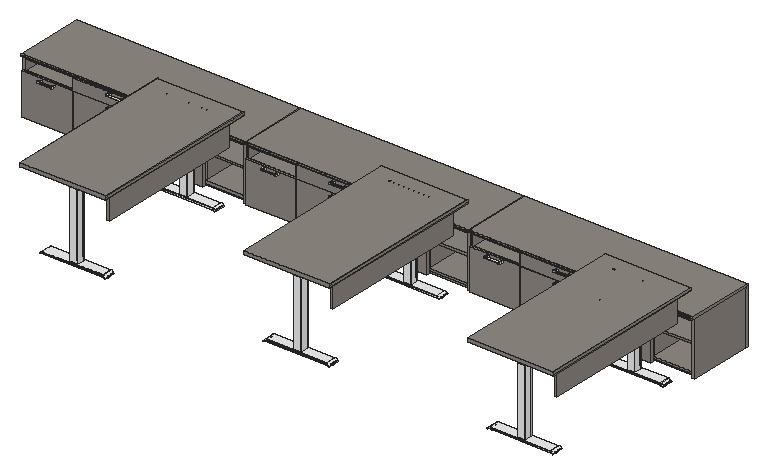
Revit family "JSI-Vision-Typical_Veneer-VSV139", category Furniture, Revit 2020
Family settings
  OmniClass Number = 23.40.20.00
  OmniClass Title = General Furniture and Specialties
  Work Plane-Based = No
  Always vertical = Yes
  Cut with Voids When Loaded = No
  Shared = No
  Room Calculation Point = No
Parameters (values of type "VSV139")
  URL = "www.jsifurniture.com"
  Type Comments = "Typical Veneer"  # constant formula
  Model = "VSV139"
  Manufacturer = "JSI"  # constant formula
  Keynote = "12500"
  Default Elevation = 0"
  Assembly Code = "E2020200"
Reference planes (in)
  plane 1 "Center Front/Back": y = 0
  plane 2: z = 0
  plane 3 "Center Left/Right": x = 0
Dimensions and locks (in)
  aligned and locked: level to plane 2
Nested families (in)
  nested 1: "JSI-Vision-Adjustable_Table_Standard_Range" at (78, -24.625, 0) x (0, -1, 0) z (0, 0, 1), type "VSV3060AHTD-S - Adjustable Height Table Standard Range 60"W x 30"D x 30"H"
  nested 2: "JSI-Vision-Open_Shelf_File_Modular_Bench_Pedestal" at (0, -0.75, 0), type "VSVB2418MOF, Veneer OF Modular Bench H Ped"
  nested 3: "JSI-Vision-Box_File_Modular_Bench_Pedestal" at (18, 0, 0), type "VSVB2430MBF - Veneer BF Modular Bench H Ped"
    with Width 30", Height 18.744", Depth 24"
  nested 4: "JSI-Vision-Sliding_Door_Modular_Bench_Pedestal" at (48, -0.75, 0), type "VSVB2430MSD, Veneer Sld Door Modular Bench H Ped"
    with Height 18.744", Depth 23 1/4"
  nested 5: "JSI-Vision-Bench_Height_Modular_Top" at (0, 0, -0.6469), type "VSVB2478MT, Veneer Mod Bench H Top, 24" x 78""
    with Width 78", Depth 24"
  nested 6: "JSI-Vision-Adjustable_Table_Standard_Range" at (156, -24.625, 0) x (0, -1, 0) z (0, 0, 1), type "VSV3060AHTD-S - Adjustable Height Table Standard Range 60"W x 30"D x 30"H"
  nested 7: "JSI-Vision-Open_Shelf_File_Modular_Bench_Pedestal" at (78, -0.75, 0), type "VSVB2418MOF, Veneer OF Modular Bench H Ped"
  nested 8: "JSI-Vision-Box_File_Modular_Bench_Pedestal" at (96, 0, 0), type "VSVB2430MBF - Veneer BF Modular Bench H Ped"
    with Width 30", Height 18.744", Depth 24"
  nested 9: "JSI-Vision-Sliding_Door_Modular_Bench_Pedestal" at (126, -0.75, 0), type "VSVB2430MSD, Veneer Sld Door Modular Bench H Ped"
    with Height 18.744", Depth 23 1/4"
  nested 10: "JSI-Vision-Bench_Height_Modular_Top" at (78, 0, -0.6469), type "VSVB2478MT, Veneer Mod Bench H Top, 24" x 78""
    with Width 78", Depth 24"
  nested 11: "JSI-Vision-Adjustable_Table_Standard_Range" at (234, -24.625, 0) x (0, -1, 0) z (0, 0, 1), type "VSV3060AHTD-S - Adjustable Height Table Standard Range 60"W x 30"D x 30"H"
  nested 12: "JSI-Vision-Open_Shelf_File_Modular_Bench_Pedestal" at (156, -0.75, 0), type "VSVB2418MOF, Veneer OF Modular Bench H Ped"
  nested 13: "JSI-Vision-Box_File_Modular_Bench_Pedestal" at (174, 0, 0), type "VSVB2430MBF - Veneer BF Modular Bench H Ped"
    with Width 30", Height 18.744", Depth 24"
  nested 14: "JSI-Vision-Sliding_Door_Modular_Bench_Pedestal" at (204, -0.75, 0), type "VSVB2430MSD, Veneer Sld Door Modular Bench H Ped"
    with Height 18.744", Depth 23 1/4"
  nested 15: "JSI-Vision-Bench_Height_Modular_Top" at (156, 0, -0.6469), type "VSVB2478MT, Veneer Mod Bench H Top, 24" x 78""
    with Width 78", Depth 24"
  nested 16: "JSI-Vision-Adjustable_Bridge_Modesty" at (76, -28.625, -0.8125) x (0, -1, 0) z (0, 0, 1), type "VSV0952TDM - Modesty for Adjustable Bridge 52"W x 3/4"D x 9"H"
    with Width 52"
  nested 17: "JSI-Vision-Adjustable_Bridge_Modesty" at (154, -28.625, -0.8125) x (0, -1, 0) z (0, 0, 1), type "VSV0952TDM - Modesty for Adjustable Bridge 52"W x 3/4"D x 9"H"
    with Width 52"
  nested 18: "JSI-Vision-Adjustable_Bridge_Modesty" at (232, -28.625, -0.8125) x (0, -1, 0) z (0, 0, 1), type "VSV0952TDM - Modesty for Adjustable Bridge 52"W x 3/4"D x 9"H"
    with Width 52"
  nested 19: "JSI-Vision-Filler_Back_Panel_for_Bench_Height" at (0, 0, 0), type "VSVB0419MBK, Filler Back Panel for Bench Height 18 3/4"H, 4"W"
    with Height 18 27/32"
  nested 20: "JSI-Vision-Filler_Back_Panel_for_Bench_Height" at (230, 0, 0), type "VSVB0419MBK, Filler Back Panel for Bench Height 18 3/4"H, 4"W"
    with Height 18 27/32"
Definition of nested family "JSI-Vision-Adjustable_Table_Standard_Range"
  Parameters (values of type "VST3048AHTD-S - Adjustable Height Table Standard Range 48"W x 30"D x 30"H")
    Width = 48"
    Upper Leg Finish = none
    URL = "www.jsifurniture.com"
    Type Comments = ""
    Top Finish = none
    Support Finish = none
    Series = "Vision Casegoods"  # constant formula
    Low Leg Finish = none
    Model = "VST3048AHTD-S"
    Material = ""
    Manufacturer = "JSI"  # constant formula
    Keynote = "12500"  # constant formula
    JSI Enviromental Website = "http://www.jsifurniture.com/jsi_sustainability_intro.php"
    Height = 29 3/16"
    Glide Finish = none
    Feet Finish = none
    Description = "Adjustable Height Table Desk Standard Range Laminate - 30”H x 30”D x 48”W"
    Depth = 30"
    Default Elevation = 0"
    Assembly Code = "E2020200"
    Adj Post Finish = none
  Types (6): name | Width | Model | Description
    VST3072AHTD-S - Adjustable Height Table Standard Range 72"W x 30"D x 30"H | 72" | "VST3072AHTD-S" | "Adjustable Height Table Desk Standard Range Laminate - 30”H x 30”D x 72”W"
    VSV3072AHTD-S - Adjustable Height Table Standard Range 72"W x 30"D x 30"H | 72" | "VSV3072AHTD-S" | "Adjustable Height Table Desk Standard Range Veneer - 30”H x 30”D x 72”W"
    VST3060AHTD-S - Adjustable Height Table Standard Range 60"W x 30"D x 30"H | 60" | "VST3060AHTD-S" | "Adjustable Height Table Desk Standard Range Laminate - 30”H x 30”D x 60”W"
    VSV3060AHTD-S - Adjustable Height Table Standard Range 60"W x 30"D x 30"H | 60" | "VSV3060AHTD-S" | "Adjustable Height Table Desk Standard Range Veneer - 30”H x 30”D x 60”W"
    VST3048AHTD-S - Adjustable Height Table Standard Range 48"W x 30"D x 30"H | 48" | "VST3048AHTD-S" | "Adjustable Height Table Desk Standard Range Laminate - 30”H x 30”D x 48”W"
    VSV3048AHTD-S - Adjustable Height Table Standard Range 48"W x 30"D x 30"H | 48" | "VSV3048AHTD-S" | "Adjustable Height Table Desk Standard Range Veneer - 30”H x 30”D x 48”W"
  Reference planes (in)
    plane 1 "Center Front/Back": y = 0
    plane 2: z = 0
    plane 3 "Center Left/Right": x = 0
    plane 4: z = 29.1875
    plane 5: z = 28
    plane 6: x = 48
    plane 7: y = -30
    plane 8: y = -15
  Forms (in)
    Extrusion 1, solid, material <- "Top Finish"
      sketch origin (0, 0, 0) x (0, 1, 0) y (0, 0, 1)
        loop
          arc (-29.88189, 29.1875) -> (-29.96256, 29.15006) -> (-30, 29.06939) r 0.12937
          line (-30, 29.06939) -> (-30, 28.11811)
          arc (-30, 28.11811) -> (-29.96256, 28.03744) -> (-29.88189, 28) r 0.12937
          line (-29.88189, 28) -> (-29.72106, 28) -> (-0.27894, 28) -> (-0.11811, 28)
          arc (-0.11811, 28) -> (-0.03744, 28.03744) -> (0, 28.11811) r 0.12937
          line (0, 28.11811) -> (0, 29.06939)
          arc (0, 29.06939) -> (-0.03744, 29.15006) -> (-0.11811, 29.1875) r 0.12937
          line (-0.11811, 29.1875) -> (-29.88189, 29.1875)
      from 0 to 48
  Lines and regions (in)
    symbolic lines
      curve 1: line (0, 0, 0) -> (48, 0, 0)
      curve 2: line (0, -30, 0) -> (0, 0, 0)
      curve 3: line (48, -30, 0) -> (0, -30, 0)
      curve 4: line (48, 0, 0) -> (48, -30, 0)
  Dimensions and locks (in)
    "Height": plane 4 to level
    locked: plane 4 to plane 5 at 1.1875
    "Width": plane 3 "Center Left/Right" to plane 6
    "Depth": plane 1 "Center Front/Back" to plane 7
    equal spacing: plane 1 "Center Front/Back", plane 8, plane 7
    aligned and locked: level to plane 2
    aligned and locked: plane 3 "Center Left/Right" to nested 1
    aligned and locked: nested 1 to plane 8
    aligned and locked: plane 4 to Extrusion 1 sketch curve
    aligned and locked: Extrusion 1 sketch curve to plane 5
    aligned and locked: Extrusion 1 sketch curve to plane 1 "Center Front/Back"
    aligned and locked: Extrusion 1 sketch curve to plane 7
    aligned and locked: Extrusion 1 to plane 3 "Center Left/Right"
    aligned and locked: Extrusion 1 to plane 6
    aligned and locked: plane 7 to curve 3
    aligned and locked: plane 1 "Center Front/Back" to curve 1
    aligned and locked: plane 3 "Center Left/Right" to curve 2
    aligned and locked: plane 6 to curve 4
  Automatic sketch dimensions
    plane 7 to Extrusion 1 sketch curve = 0.11811"  (x2)
    Extrusion 1 sketch curve to plane 5 = 0"  (x2)
    plane 7 to Extrusion 1 sketch curve = 33/256"  (x2)
    Extrusion 1 sketch curve to Extrusion 1 sketch curve = 0.16082"
    plane 1 "Center Front/Back" to Extrusion 1 sketch curve = 0.27894"
    plane 1 "Center Front/Back" to Extrusion 1 sketch curve = 33/256"  (x2)
    plane 1 "Center Front/Back" to Extrusion 1 sketch curve = 0.11811"  (x2)
    plane 5 to Extrusion 1 sketch curve = 0.11811"  (x2)
    Extrusion 1 sketch curve to plane 4 = 33/256"  (x2)
  Nested families (in)
    nested 1: "Adj Base" at (0, -15, 0), Height <- "Height", W Top <- "Width", Adj Post Finish <- "Adj Post Finish", Feet Finish <- "Feet Finish", Glide Finish <- "Glide Finish", Low Leg Finish <- "Low Leg Finish", Support Finish <- "Support Finish", Upper Leg Finish <- "Upper Leg Finish", type "Adj Base"
      with W Top 48", Upper Leg Finish none, Support Finish none, Low Leg Finish none, Height 29 3/16", Glide Finish none, Feet Finish none, Adj Post Finish none
  Definition of nested family "Adj Base"
    Parameters (values of type "Adj Base")
      W Top [instance] = 72"
      Upper Leg Finish [instance] = none
      Support Finish [instance] = none
      Low Leg Finish [instance] = none
      Height [instance] = 29 1/2"
      Glide Finish [instance] = none
      Feet Finish [instance] = none
      Default Elevation = 0"
      Adj Post Finish [instance] = none
    Reference planes (in)
      plane 1 "Center (Front/Back)": y = 0
      plane 2: z = 0
      plane 3 "Center (Left/Right)": x = 0
      plane 4: z = 29.5
      plane 5: x = 72
      plane 6: z = 28.3125
      plane 7: x = 6.09647
      plane 8: x = 65.90353
    Forms (in)
      Extrusion 1, solid, material <- "Support Finish"
        sketch origin (1.67343, 0, 0) x (-1, 0, 0) y (0, 0, 1)
          loop
            line (-2.26388, 26.15894) -> (-2.26388, 28.00935) -> (-10.9253, 28.00935) -> (-10.9253, 27.73435) -> (-10.3632, 27.73435) -> (-9.86301, 26.15894) -> (-2.26388, 26.15894)
          loop
            line (-66.38926, 26.15894) -> (-58.79012, 26.15894) -> (-58.28994, 27.73435) -> (-57.72784, 27.73435) -> (-57.72784, 28.00935) -> (-66.38926, 28.00935) -> (-66.38926, 26.15894)
        from -1.89028 to 1.90897
      Extrusion 2, solid, material <- "Support Finish"
        sketch origin (8.68126, 0, 0) x (0, 1, 0) y (0, 0, 1)
          loop
            arc (2.60827, 26.81644) -> (2.67785, 26.84526) -> (2.70667, 26.91484) r 0.0984
            line (2.70667, 26.91484) -> (2.70667, 28.09931)
            arc (2.70667, 28.09931) -> (2.67882, 28.16654) -> (2.61158, 28.19439) r 0.09508
            line (2.61158, 28.19439) -> (2.01307, 28.19439)
            arc (2.01307, 28.19439) -> (1.94678, 28.16693) -> (1.91932, 28.10064) r 0.09375
            line (1.91932, 28.10064) -> (1.91932, 26.91484)
            arc (1.91932, 26.91484) -> (1.94814, 26.84526) -> (2.01772, 26.81644) r 0.0984
            line (2.01772, 26.81644) -> (2.60827, 26.81644)
          loop
            line (-2.60827, 26.81644) -> (-2.01772, 26.81644)
            arc (-2.01772, 26.81644) -> (-1.94814, 26.84526) -> (-1.91932, 26.91484) r 0.0984
            line (-1.91932, 26.91484) -> (-1.91932, 28.10064)
            arc (-1.91932, 28.10064) -> (-1.94678, 28.16693) -> (-2.01307, 28.19439) r 0.09375
            line (-2.01307, 28.19439) -> (-2.61158, 28.19439)
            arc (-2.61158, 28.19439) -> (-2.67882, 28.16654) -> (-2.70667, 28.09931) r 0.09508
            line (-2.70667, 28.09931) -> (-2.70667, 26.91484)
            arc (-2.70667, 26.91484) -> (-2.67785, 26.84526) -> (-2.60827, 26.81644) r 0.0984
        from -5.06315 to 15.07466
      Extrusion 3, solid, material <- "Support Finish"
        sketch origin (1.70596, 0, 0) x (0, 1, 0) y (0, 0, 1)
          loop
            arc (2.50984, 27.32825) -> (2.59335, 27.36284) -> (2.62794, 27.44635) r 0.1181
            line (2.62794, 27.44635) -> (2.62794, 27.99755)
            arc (2.62794, 27.99755) -> (2.59335, 28.08106) -> (2.50984, 28.11565) r 0.1181
            line (2.50984, 28.11565) -> (2.15551, 28.11565)
            arc (2.15551, 28.11565) -> (2.072, 28.08106) -> (2.03741, 27.99755) r 0.1181
            line (2.03741, 27.99755) -> (2.03741, 27.44635)
            arc (2.03741, 27.44635) -> (2.072, 27.36284) -> (2.15551, 27.32825) r 0.1181
            line (2.15551, 27.32825) -> (2.50984, 27.32825)
          loop
            arc (-2.15551, 27.32825) -> (-2.072, 27.36284) -> (-2.03741, 27.44635) r 0.1181
            line (-2.03741, 27.44635) -> (-2.03741, 27.99755)
            arc (-2.03741, 27.99755) -> (-2.072, 28.08106) -> (-2.15551, 28.11565) r 0.1181
            line (-2.15551, 28.11565) -> (-2.50984, 28.11565)
            arc (-2.50984, 28.11565) -> (-2.59335, 28.08106) -> (-2.62794, 27.99755) r 0.1181
            line (-2.62794, 27.99755) -> (-2.62794, 27.44635)
            arc (-2.62794, 27.44635) -> (-2.59335, 27.36284) -> (-2.50984, 27.32825) r 0.1181
            line (-2.50984, 27.32825) -> (-2.15551, 27.32825)
        from 16.18381 to 52.40428
      Extrusion 4, solid, material <- "Feet Finish"
        sketch origin (3.34686, 0, 0) x (0, 1, 0) y (0, 0, 1)
          loop
            line (10.52318, 1.16069) -> (-10.52318, 1.16069)
            arc (-10.52318, 1.16069) -> (-10.60868, 1.14561) -> (-10.68388, 1.1022) r 0.25
            line (-10.68388, 1.1022) -> (-11.48879, 0.4268) -> (-11.40022, 0.32124) -> (-10.59879, 0.99371)
            arc (-10.59879, 0.99371) -> (-10.56128, 1.01537) -> (-10.51862, 1.02289) r 0.12472
            line (-10.51862, 1.02289) -> (10.51852, 1.02289)
            arc (10.51852, 1.02289) -> (10.56128, 1.01536) -> (10.59887, 0.99365) r 0.125
            line (10.59887, 0.99365) -> (11.40022, 0.32124) -> (11.48879, 0.4268) -> (10.68388, 1.1022)
            arc (10.68388, 1.1022) -> (10.60869, 1.14561) -> (10.52318, 1.16069) r 0.25
        from 0.93859 to 4.56063
      Extrusion 5, solid, material <- "Feet Finish"
        sketch origin (3.34686, 0, 0) x (0, 1, 0) y (0, 0, 1)
          loop
            line (-11.14173, 0.39297) -> (11.14173, 0.39297) -> (11.14173, 0.53813) -> (10.59887, 0.99365)
            arc (10.59887, 0.99365) -> (10.56128, 1.01535) -> (10.51852, 1.02289) r 0.125
            line (10.51852, 1.02289) -> (-10.51862, 1.02289)
            arc (-10.51862, 1.02289) -> (-10.56128, 1.01537) -> (-10.59879, 0.99371) r 0.12472
            line (-10.59879, 0.99371) -> (-11.14173, 0.53813) -> (-11.14173, 0.39297)
        from 1.19449 to 4.30473
      Extrusion 6, solid, material <- "Feet Finish"
        sketch origin (12.34686, 0, 0) x (0, 1, 0) y (0, 0, 1)
          loop
            line (10.52318, 1.16069) -> (-10.52318, 1.16069)
            arc (-10.52318, 1.16069) -> (-10.60868, 1.14561) -> (-10.68388, 1.1022) r 0.25
            line (-10.68388, 1.1022) -> (-11.48879, 0.4268) -> (-11.40022, 0.32124) -> (-10.59879, 0.99371)
            arc (-10.59879, 0.99371) -> (-10.56128, 1.01537) -> (-10.51862, 1.02289) r 0.12472
            line (-10.51862, 1.02289) -> (10.51852, 1.02289)
            arc (10.51852, 1.02289) -> (10.56128, 1.01536) -> (10.59887, 0.99365) r 0.125
            line (10.59887, 0.99365) -> (11.40022, 0.32124) -> (11.48879, 0.4268) -> (10.68388, 1.1022)
            arc (10.68388, 1.1022) -> (10.60869, 1.14561) -> (10.52318, 1.16069) r 0.25
        from 51.74564 to 55.473
      Extrusion 7, solid, material <- "Low Leg Finish"
        sketch origin (0, 0, 0) x (1, 0, 0) y (0, 1, 0)
          loop
            line (4.73819, 1.25984) -> (4.73819, -1.25984)
            arc (4.73819, -1.25984) -> (4.76702, -1.32944) -> (4.83661, -1.35827) r 0.09843
            line (4.83661, -1.35827) -> (7.3563, -1.35827)
            arc (7.3563, -1.35827) -> (7.4259, -1.32944) -> (7.45472, -1.25984) r 0.09843
            line (7.45472, -1.25984) -> (7.45472, 1.25984)
            arc (7.45472, 1.25984) -> (7.4259, 1.32944) -> (7.3563, 1.35827) r 0.09843
            line (7.3563, 1.35827) -> (4.83661, 1.35827)
            arc (4.83661, 1.35827) -> (4.76702, 1.32944) -> (4.73819, 1.25984) r 0.09843
          loop
            arc (67.26181, 1.25984) -> (67.23298, 1.32944) -> (67.16339, 1.35827) r 0.09843
            line (67.16339, 1.35827) -> (64.6437, 1.35827)
            arc (64.6437, 1.35827) -> (64.5741, 1.32944) -> (64.54528, 1.25984) r 0.09843
            line (64.54528, 1.25984) -> (64.54528, -1.25984)
            arc (64.54528, -1.25984) -> (64.5741, -1.32944) -> (64.6437, -1.35827) r 0.09843
            line (64.6437, -1.35827) -> (67.16339, -1.35827)
            arc (67.16339, -1.35827) -> (67.23298, -1.32944) -> (67.26181, -1.25984) r 0.09843
            line (67.26181, -1.25984) -> (67.26181, 1.25984)
        from 1.16069 to 24.23031
      Extrusion 8, solid, material <- "Upper Leg Finish"
        sketch origin (0, 0, 0) x (1, 0, 0) y (0, 1, 0)
          loop
            line (7.16929, 1.17126) -> (5.02362, 1.17126)
            arc (5.02362, 1.17126) -> (4.95402, 1.14243) -> (4.9252, 1.07283) r 0.09843
            line (4.9252, 1.07283) -> (4.9252, -1.07283)
            arc (4.9252, -1.07283) -> (4.95402, -1.14243) -> (5.02362, -1.17126) r 0.09843
            line (5.02362, -1.17126) -> (7.16929, -1.17126)
            arc (7.16929, -1.17126) -> (7.23889, -1.14243) -> (7.26772, -1.07283) r 0.09843
            line (7.26772, -1.07283) -> (7.26772, 1.07283)
            arc (7.26772, 1.07283) -> (7.23889, 1.14243) -> (7.16929, 1.17126) r 0.09843
          loop
            arc (64.83071, 1.17126) -> (64.76111, 1.14243) -> (64.73228, 1.07283) r 0.09843
            line (64.73228, 1.07283) -> (64.73228, -1.07283)
            arc (64.73228, -1.07283) -> (64.76111, -1.14243) -> (64.83071, -1.17126) r 0.09843
            line (64.83071, -1.17126) -> (67.04524, -1.17126)
            arc (67.04524, -1.17126) -> (67.09765, -1.14955) -> (67.11936, -1.09714) r 0.07412
            line (67.11936, -1.09714) -> (67.11936, 1.02828)
            arc (67.11936, 1.02828) -> (67.07748, 1.12938) -> (66.97638, 1.17126) r 0.14298
            line (66.97638, 1.17126) -> (64.83071, 1.17126)
        from 2.77313 to 26.15894
      Extrusion 9, solid, material <- "Support Finish"
        sketch origin (0, 0, 0) x (1, 0, 0) y (0, 0, 1)
          loop
            line (3.5, 26.14715) -> (3.61811, 26.14715) -> (3.61811, 28.15745)
            arc (3.61811, 28.15745) -> (3.62893, 28.18357) -> (3.65505, 28.19439) r 0.03694
            line (3.65505, 28.19439) -> (5.0748, 28.19439) -> (5.0748, 28.3125) -> (3.65534, 28.3125)
            arc (3.65534, 28.3125) -> (3.5455, 28.267) -> (3.5, 28.15716) r 0.15534
            line (3.5, 28.15716) -> (3.5, 26.14715)
          loop
            line (68.5, 26.14715) -> (68.5, 28.15716)
            arc (68.5, 28.15716) -> (68.4545, 28.267) -> (68.34466, 28.3125) r 0.15534
            line (68.34466, 28.3125) -> (66.9252, 28.3125) -> (66.9252, 28.19439) -> (68.34495, 28.19439)
            arc (68.34495, 28.19439) -> (68.37107, 28.18357) -> (68.38189, 28.15745) r 0.03694
            line (68.38189, 28.15745) -> (68.38189, 26.14715) -> (68.5, 26.14715)
        from -10.14567 to 10.14567
      Extrusion 10, void
        sketch origin (0, 0, 0) x (0, 1, 0) y (0, 0, 1)
          loop
            line (-9.64567, 28.65728) -> (-10.14567, 28.65728) -> (-10.14567, 25.65728) -> (10.14567, 25.65728) -> (10.14567, 28.65728) -> (9.64567, 28.65728) -> (9.64567, 27.93724)
            arc (9.64567, 27.93724) -> (9.53149, 27.61921) -> (9.2411, 27.44643) r 0.5
            line (9.2411, 27.44643) -> (2.76152, 26.18651)
            arc (2.76152, 26.18651) -> (2.61903, 26.16585) -> (2.47521, 26.15894) r 1.5
            line (2.47521, 26.15894) -> (-2.47521, 26.15894)
            arc (-2.47521, 26.15894) -> (-2.61903, 26.16585) -> (-2.76152, 26.18651) r 1.5
            line (-2.76152, 26.18651) -> (-9.2411, 27.44643)
            arc (-9.2411, 27.44643) -> (-9.53149, 27.61921) -> (-9.64567, 27.93724) r 0.5
            line (-9.64567, 27.93724) -> (-9.64567, 28.65728)
        from 1.99619 to 70.00235
      Extrusion 11, solid, material <- "Support Finish"
        sketch origin (60.8427, 0, 0) x (0, 1, 0) y (0, 0, -1)
          loop
            line (-2.01772, -26.81644) -> (-2.61292, -26.81644)
            arc (-2.61292, -26.81644) -> (-2.67921, -26.8439) -> (-2.70667, -26.91019) r 0.09375
            line (-2.70667, -26.91019) -> (-2.70667, -28.10064)
            arc (-2.70667, -28.10064) -> (-2.67921, -28.16693) -> (-2.61292, -28.19439) r 0.09375
            line (-2.61292, -28.19439) -> (-2.0144, -28.19439)
            arc (-2.0144, -28.19439) -> (-1.94717, -28.16654) -> (-1.91932, -28.09931) r 0.09508
            line (-1.91932, -28.09931) -> (-1.91932, -26.91484)
            arc (-1.91932, -26.91484) -> (-1.94814, -26.84526) -> (-2.01772, -26.81644) r 0.0984
          loop
            line (2.60827, -26.81644) -> (2.0132, -26.81644)
            arc (2.0132, -26.81644) -> (1.94682, -26.84394) -> (1.91932, -26.91032) r 0.09389
            line (1.91932, -26.91032) -> (1.91932, -28.09931)
            arc (1.91932, -28.09931) -> (1.94717, -28.16654) -> (2.0144, -28.19439) r 0.09508
            line (2.0144, -28.19439) -> (2.61292, -28.19439)
            arc (2.61292, -28.19439) -> (2.67921, -28.16693) -> (2.70667, -28.10064) r 0.09375
            line (2.70667, -28.10064) -> (2.70667, -26.91484)
            arc (2.70667, -26.91484) -> (2.67785, -26.84526) -> (2.60827, -26.81644) r 0.0984
        from -7.53919 to 12.59862
      Revolve 12, solid, material <- "Glide Finish"
        sketch origin (0, -10.27559, 0) x (1, 0, 0) y (0, 0, 1)
          loop
            line (6.09647, 0.94489) -> (5.93882, 0.94489) -> (5.93882, 0.39297) -> (5.30863, 0.39297) -> (5.11222, 0.19657) -> (5.11222, 0) -> (6.09647, 0) -> (6.09647, 0.94489)
          axis (6.09647, 0.94489) -> (6.09647, 0)
        angle from 0 to 360
      Revolve 13, solid, material <- "Glide Finish"
        sketch origin (0, 10.27547, 0) x (1, 0, 0) y (0, 0, 1)
          loop
            line (6.09647, 0.94489) -> (5.93882, 0.94489) -> (5.93882, 0.39297) -> (5.30863, 0.39297) -> (5.11222, 0.19657) -> (5.11222, 0) -> (6.09647, 0) -> (6.09647, 0.94489)
          axis (6.09647, 0.94489) -> (6.09647, 0)
        angle from 0 to 360
      Revolve 14, solid, material <- "Glide Finish"
        sketch origin (59.80705, -10.27559, 0) x (1, 0, 0) y (0, 0, 1)
          loop
            line (6.09647, 0.94489) -> (5.93882, 0.94489) -> (5.93882, 0.39297) -> (5.30863, 0.39297) -> (5.11222, 0.19657) -> (5.11222, 0) -> (6.09647, 0) -> (6.09647, 0.94489)
          axis (6.09647, 0.94489) -> (6.09647, 0)
        angle from 0 to 360
      Revolve 15, solid, material <- "Glide Finish"
        sketch origin (59.80705, 10.27547, 0) x (1, 0, 0) y (0, 0, 1)
          loop
            line (6.09647, 0.94489) -> (5.93882, 0.94489) -> (5.93882, 0.39297) -> (5.30863, 0.39297) -> (5.11222, 0.19657) -> (5.11222, 0) -> (6.09647, 0) -> (6.09647, 0.94489)
          axis (6.09647, 0.94489) -> (6.09647, 0)
        angle from 0 to 360
      Extrusion 16, solid, material <- "Feet Finish"
        sketch origin (63.15392, 0, 0) x (0, 1, 0) y (0, 0, 1)
          loop
            line (-11.14173, 0.39297) -> (11.14173, 0.39297) -> (11.14173, 0.53813) -> (10.59887, 0.99365)
            arc (10.59887, 0.99365) -> (10.56128, 1.01535) -> (10.51852, 1.02289) r 0.125
            line (10.51852, 1.02289) -> (-10.51862, 1.02289)
            arc (-10.51862, 1.02289) -> (-10.56128, 1.01537) -> (-10.59879, 0.99371) r 0.12472
            line (-10.59879, 0.99371) -> (-11.14173, 0.53813) -> (-11.14173, 0.39297)
        from 1.19449 to 4.30473
    Cuts and joins
      Extrusion 10 cuts Extrusion 9
    Lines and regions (in)
      symbolic lines
        curve 1: line (7.9075, 11.48879, 0) -> (4.28545, 11.48879, 0)
        curve 2: line (7.9075, -11.48879, 0) -> (7.9075, 11.48879, 0)
        curve 3: line (4.28545, -11.48879, 0) -> (7.9075, -11.48879, 0)
        curve 4: line (4.28545, 11.48879, 0) -> (4.28545, 9.64567, 0)
        curve 5: line (67.81987, 11.48879, 0) -> (64.0925, 11.48879, 0)
        curve 6: line (67.81987, 9.64567, 0) -> (67.81987, 11.48879, 0)
        curve 7: line (64.0925, -11.48879, 0) -> (67.81987, -11.48879, 0)
        curve 8: line (64.0925, 11.48879, 0) -> (64.0925, -11.48879, 0)
        curve 9: line (3.5, 9.64567, 0) -> (5.0748, 9.64567, 0)
        curve 10: line (3.5, -9.64567, 0) -> (3.5, 9.64567, 0)
        curve 11: line (5.0748, -9.64567, 0) -> (3.5, -9.64567, 0)
        curve 12: line (5.0748, 9.64567, 0) -> (5.0748, -9.64567, 0)
        curve 13: line (68.5, 9.64567, 0) -> (66.9252, 9.64567, 0)
        curve 14: line (68.5, -9.64567, 0) -> (68.5, 9.64567, 0)
        curve 15: line (66.9252, -9.64567, 0) -> (68.5, -9.64567, 0)
        curve 16: line (66.9252, 9.64567, 0) -> (66.9252, -9.64567, 0)
        curve 17: line (66.9252, 2.70667, 0) -> (48.24408, 2.70667, 0)
        curve 18: line (48.24408, 2.70667, 0) -> (48.24408, 1.91932, 0)
        curve 19: line (48.24408, 1.91932, 0) -> (66.9252, 1.91932, 0)
        curve 20: line (66.9252, -1.92113, 0) -> (48.24408, -1.91932, 0)
        curve 21: line (48.24408, -1.91932, 0) -> (48.24408, -2.70667, 0)
        curve 22: line (48.24408, -2.70667, 0) -> (66.9252, -2.70667, 0)
        curve 23: line (23.75592, 2.70667, 0) -> (23.75592, 1.91932, 0)
        curve 24: line (23.75592, 1.91932, 0) -> (5.0748, 1.91932, 0)
        curve 25: line (23.75592, 2.70667, 0) -> (5.0748, 2.70667, 0)
        curve 26: line (23.75592, -1.91932, 0) -> (5.0748, -1.91932, 0)
        curve 27: line (23.75592, -2.70667, 0) -> (5.0748, -2.70667, 0)
        curve 28: line (23.75592, -1.91932, 0) -> (23.75592, -2.70667, 0)
        curve 29: line (4.28545, -11.48879, 0) -> (4.28545, -9.64567, 0)
        curve 30: line (67.81987, -11.48879, 0) -> (67.81987, -9.64567, 0)
        curve 31: line (23.75592, 2.62798, 0) -> (48.24408, 2.62798, 0)
        curve 32: line (23.75592, 2.03782, 0) -> (48.24408, 2.03782, 0)
        curve 33: line (23.75592, -2.03689, 0) -> (48.24408, -2.03689, 0)
        curve 34: line (23.75592, -2.6279, 0) -> (48.24408, -2.6279, 0)
    Dimensions and locks (in)
      "Height": plane 2 to plane 4
      Extrusion 1 sketch curve to Extrusion 1 sketch curve to Extrusion 1 sketch curve to plane 4 = 1.57541" locked, 0.275", 1.49065"
      Extrusion 4 sketch curve to Extrusion 4 sketch curve to Extrusion 4 sketch curve to Extrusion 4 sketch curve to plane 1 "Center (Front/Back)" to Extrusion 4 sketch curve to Extrusion 4 sketch curve to Extrusion 4 sketch curve to Extrusion 4 sketch curve = 0.08857" locked, 0.87704" locked, 0.00456" locked, 10.51862" locked, 10.51852" locked, 0.00466" locked, 0.87704" locked, 0.08857" locked
      plane 2 to Extrusion 4 sketch curve to Extrusion 4 sketch curve to Extrusion 4 sketch curve to Extrusion 4 sketch curve to Extrusion 4 sketch curve to Extrusion 4 sketch curve = 0.32124" locked, 0.10556" locked, 0.4711" locked, 0.0128" locked, 0.1122" locked, 0.1378" locked
      Extrusion 4 to Extrusion 5 to plane 7 to Extrusion 5 to Extrusion 4 to plane 3 "Center (Left/Right)" = 0.25591" locked, 1.55512" locked, 1.55512" locked, 0.25591" locked, 4.28545" locked
      plane 2 to Extrusion 5 sketch curve to Extrusion 5 sketch curve = 0.39297" locked, 0.62992" locked
      Extrusion 5 sketch curve to plane 1 "Center (Front/Back)" to Extrusion 5 sketch curve = 11.14173" locked, 11.14173" locked
      Extrusion 6 sketch curve to Extrusion 6 sketch curve to Extrusion 6 sketch curve to Extrusion 6 sketch curve to Extrusion 6 sketch curve to Extrusion 6 sketch curve to Extrusion 6 sketch curve to Extrusion 6 sketch curve = 0.08857" locked, 0.87704" locked, 0.00456" locked, 21.03715", 0.00466" locked, 0.87704" locked, 0.08857" locked
      Extrusion 6 sketch curve to Extrusion 6 sketch curve to Extrusion 6 sketch curve to Extrusion 6 sketch curve to Extrusion 6 sketch curve to Extrusion 6 sketch curve = 0.10556" locked, 0.4711" locked, 0.0128" locked, 0.1122" locked, 0.1378" locked
      plane 5 to Extrusion 6 to Extrusion 16 to plane 8 to Extrusion 16 to Extrusion 6 = 4.18013" locked, 0.36123" locked, 1.55512" locked, 1.55512" locked, 0.25591" locked
      Extrusion 7 sketch curve to plane 1 "Center (Front/Back)" to Extrusion 7 sketch curve = 1.25984" locked, 1.25984" locked  (x2)
      Extrusion 7 sketch curve to Extrusion 7 sketch curve to plane 3 "Center (Left/Right)" = 2.51969" locked, 4.83661" locked
      Extrusion 7 sketch curve to Extrusion 7 sketch curve to plane 5 = 2.51969" locked, 4.83661" locked
      locked: Extrusion 7 to plane 2 at 24.23031
      Extrusion 8 sketch curve to Extrusion 8 sketch curve to plane 5 = 2.14567" locked, 5.02362" locked
      Extrusion 8 sketch curve to Extrusion 8 sketch curve to plane 3 "Center (Left/Right)" = 2.14567" locked, 5.02362" locked
      Extrusion 8 sketch curve to plane 1 "Center (Front/Back)" to Extrusion 8 sketch curve = 1.07283" locked, 1.07283" locked
      Extrusion 1 sketch curve to Extrusion 1 sketch curve to Extrusion 1 sketch curve to plane 4 = 1.57541" locked, 0.275" locked, 1.49065" locked
      Extrusion 1 sketch curve to Extrusion 1 sketch curve to Extrusion 1 sketch curve to Extrusion 1 sketch curve to plane 3 "Center (Left/Right)" = 0.5621" locked, 0.50019" locked, 7.59913" locked, 3.93731" locked
      plane 5 to Extrusion 1 sketch curve to Extrusion 1 sketch curve to Extrusion 1 sketch curve = 3.93731" locked, 7.59913" locked, 1.06228" locked
      Extrusion 2 sketch curve to Extrusion 2 sketch curve to Extrusion 2 sketch curve to Extrusion 2 sketch curve to plane 1 "Center (Front/Back)" to Extrusion 2 sketch curve to Extrusion 2 sketch curve to Extrusion 2 sketch curve to Extrusion 2 sketch curve = 0.09508" locked, 0.59852" locked, 3/32" locked, 1.91932" locked, 1.91932" locked, 3/32" locked, 0.59852" locked, 0.09508" locked
      locked: plane 4 to plane 6 at 1.1875
      Extrusion 8 to Extrusion 8 to plane 6 = 23.38581" locked, 2.15356" locked
      Extrusion 3 sketch curve to Extrusion 3 sketch curve to Extrusion 3 sketch curve to Extrusion 3 sketch curve to plane 1 "Center (Front/Back)" to Extrusion 3 sketch curve to Extrusion 3 sketch curve to Extrusion 3 sketch curve to Extrusion 3 sketch curve = 0.1181" locked, 0.35433" locked, 0.1181" locked, 2.03741" locked, 2.03741" locked, 0.1181" locked, 0.35433" locked, 0.1181" locked
      plane 6 to Extrusion 3 sketch curve to Extrusion 3 sketch curve to Extrusion 3 sketch curve to Extrusion 3 sketch curve = 0.19685" locked, 0.1181" locked, 0.5512" locked, 0.1181" locked
      Extrusion 9 sketch curve to Extrusion 9 sketch curve to Extrusion 9 sketch curve to Extrusion 9 sketch curve to plane 3 "Center (Left/Right)" = 1.41947" locked, 0.03723" locked, 0.11811" locked, 3 1/2" locked
      Extrusion 9 sketch curve to Extrusion 9 sketch curve to Extrusion 9 sketch curve to Extrusion 9 sketch curve to plane 5 = 1.41947" locked, 0.03723" locked, 0.11811" locked, 3 1/2" locked
      plane 6 to Extrusion 9 sketch curve to Extrusion 9 sketch curve to Extrusion 9 sketch curve = 0.11811" locked, 0.03723" locked, 2.01002" locked
      locked: plane 5 to Extrusion 10 at 1.99765
      locked: plane 3 "Center (Left/Right)" to Extrusion 10 at 1.99619
      Extrusion 10 sketch curve to plane 6 to Extrusion 10 sketch curve to Extrusion 10 sketch curve to Extrusion 10 sketch curve to Extrusion 10 sketch curve = 0.34478" locked, 0.37526" locked, 0.2783" locked, 1 1/2" locked, 0.50165" locked
      Extrusion 10 sketch curve to Extrusion 10 sketch curve to Extrusion 10 sketch curve to Extrusion 10 sketch curve to plane 1 "Center (Front/Back)" to Extrusion 10 sketch curve to Extrusion 10 sketch curve to Extrusion 10 sketch curve to Extrusion 10 sketch curve = 1/2" locked, 1/2" locked, 6.67046" locked, 2.47521" locked, 2.47521" locked, 6.67046" locked, 1/2" locked, 1/2" locked
      Extrusion 11 sketch curve to Extrusion 11 sketch curve to Extrusion 11 sketch curve to Extrusion 11 sketch curve to Extrusion 11 sketch curve to Extrusion 11 sketch curve to Extrusion 11 sketch curve to Extrusion 11 sketch curve = 3/32" locked, 0.59852" locked, 0.09508" locked, 3.83863" locked, 0.09508" locked, 0.59852" locked, 3/32" locked
      Extrusion 11 to Extrusion 3 to plane 5 = 5.86615" locked, 17.88976" locked
      Extrusion 2 to Extrusion 3 to plane 3 "Center (Left/Right)" = 5.86615" locked, 17.88976" locked
      Revolve 12 sketch curve to Revolve 12 sketch curve to Revolve 12 sketch curve to plane 7 = 0.1964" locked, 0.63019" locked, 0.15765" locked
      Revolve 13 sketch curve to Revolve 13 sketch curve to Revolve 13 sketch curve = 0.1964" locked, 0.63019" locked
      Revolve 13 to plane 1 "Center (Front/Back)" to Revolve 12 = 10.27547" locked, 10.27559" locked
      Revolve 14 sketch curve to Revolve 14 sketch curve to Revolve 14 sketch curve to plane 8 = 0.1964" locked, 0.63019" locked, 0.15765" locked
      Revolve 15 sketch curve to Revolve 15 sketch curve to Revolve 15 sketch curve = 0.1964" locked, 0.63019" locked
      Revolve 15 to Revolve 14 = 20.55106"
      Revolve 14 to plane 1 "Center (Front/Back)" to Revolve 15 = 10.27559" locked, 10.27547" locked
      locked: Extrusion 16 sketch curve to Extrusion 16 sketch curve at 0.62992
      Extrusion 16 sketch curve to plane 1 "Center (Front/Back)" to Extrusion 16 sketch curve = 11.14173" locked, 11.14173" locked
      "W Top": plane 3 "Center (Left/Right)" to plane 5
      locked: plane 3 "Center (Left/Right)" to plane 7 at 6.09647
      locked: plane 8 to plane 5 at 6.09647
      aligned and locked: plane 2 to level
      aligned and locked: Extrusion 7 to Extrusion 4
      aligned and locked: Extrusion 8 to Extrusion 1
      aligned and locked: Extrusion 3 sketch curve to Extrusion 3 sketch curve  (x2)
      aligned and locked: Extrusion 9 sketch curve to plane 6  (x2)
      aligned and locked: Extrusion 9 sketch curve to Extrusion 9 sketch curve  (x2)
      aligned and locked: Extrusion 2 to cut or joined group of Extrusion 9, Extrusion 10
      aligned and locked: Extrusion 10 sketch curve to Extrusion 10 sketch curve
      aligned and locked: Extrusion 11 to cut or joined group of Extrusion 9, Extrusion 10
      aligned and locked: plane 7 to Revolve 12 sketch curve
      aligned and locked: plane 8 to Revolve 14 sketch curve
      aligned and locked: curve 1 to Extrusion 4
      aligned and locked: curve 2 to Extrusion 4
      aligned and locked: curve 3 to Extrusion 4
      aligned and locked: curve 4 to Extrusion 4
      aligned and locked: curve 5 to Extrusion 6
      aligned and locked: Extrusion 6 to curve 6
      aligned and locked: curve 7 to Extrusion 6
      aligned and locked: curve 8 to Extrusion 6
      aligned and locked: curve 9 to cut or joined group of Extrusion 9, Extrusion 10
      aligned and locked: curve 10 to cut or joined group of Extrusion 9, Extrusion 10
      aligned and locked: cut or joined group of Extrusion 9, Extrusion 10 to curve 11
      aligned and locked: curve 12 to cut or joined group of Extrusion 9, Extrusion 10
      aligned and locked: curve 13 to cut or joined group of Extrusion 9, Extrusion 10
      aligned and locked: curve 14 to cut or joined group of Extrusion 9, Extrusion 10
      aligned and locked: curve 15 to cut or joined group of Extrusion 9, Extrusion 10
      aligned and locked: curve 16 to cut or joined group of Extrusion 9, Extrusion 10
      aligned and locked: Extrusion 2 to curve 31
      aligned and locked: Extrusion 2 to curve 32
      aligned and locked: Extrusion 11 to curve 31
      aligned and locked: Extrusion 11 to curve 32
      aligned and locked: Extrusion 2 to curve 33
      aligned and locked: Extrusion 2 to curve 34
      aligned and locked: Extrusion 11 to curve 33
      aligned and locked: Extrusion 11 to curve 34
    Automatic sketch dimensions
      Extrusion 3 sketch curve to Extrusion 3 sketch curve = 0.1181"  (x3)
      level to Extrusion 4 sketch curve = 1.1022"  (x2)
      Extrusion 4 sketch curve to Extrusion 4 sketch curve = 0.1607"  (x2)
      level to Extrusion 4 sketch curve = 0.99371"
      Extrusion 4 sketch curve to Extrusion 4 sketch curve = 0.07561"
      Extrusion 4 sketch curve to Extrusion 4 sketch curve = 0.08017"
      level to Extrusion 4 sketch curve = 0.99365"
      Extrusion 4 sketch curve to Extrusion 4 sketch curve = 0.09554"
      Extrusion 4 sketch curve to Extrusion 4 sketch curve = 0.01252"
      level to Extrusion 6 sketch curve = 0.4268"
      plane 1 "Center (Front/Back)" to Extrusion 6 sketch curve = 11.48879"
      level to Extrusion 6 sketch curve = 1.1022"  (x2)
      Extrusion 6 sketch curve to Extrusion 6 sketch curve = 0.1607"  (x2)
      level to Extrusion 6 sketch curve = 0.99371"
      Extrusion 6 sketch curve to Extrusion 6 sketch curve = 0.08017"
      level to Extrusion 6 sketch curve = 0.99365"
      Extrusion 6 sketch curve to Extrusion 6 sketch curve = 0.08035"
      level to Extrusion 16 sketch curve = 0.89789"
      level to Extrusion 16 sketch curve = 0.99365"
      Extrusion 16 sketch curve to Extrusion 16 sketch curve = 0.08035"
      Extrusion 16 sketch curve to Extrusion 16 sketch curve = 0.62321"
      Extrusion 16 sketch curve to Extrusion 16 sketch curve = 0.54294"
      Extrusion 16 sketch curve to Extrusion 16 sketch curve = 0.08017"
      Extrusion 16 sketch curve to Extrusion 16 sketch curve = 0.14516"  (x2)
      Extrusion 16 sketch curve to Extrusion 16 sketch curve = 0.12472"
      Extrusion 1 sketch curve to Extrusion 1 sketch curve = 0.5621"
      Extrusion 2 sketch curve to Extrusion 2 sketch curve = 0.0984"  (x4)
      Extrusion 2 sketch curve to plane 6 = 1.49606"  (x2)
      Extrusion 2 sketch curve to plane 6 = 0.21319"  (x2)
      level to Extrusion 5 sketch curve = 0.99371"
      Extrusion 5 sketch curve to Extrusion 5 sketch curve = 0.54294"
      Extrusion 5 sketch curve to Extrusion 5 sketch curve = 0.08017"
      Extrusion 5 sketch curve to Extrusion 5 sketch curve = 0.62321"
      level to Extrusion 5 sketch curve = 0.99365"
      Extrusion 5 sketch curve to Extrusion 5 sketch curve = 0.08035"
      Extrusion 5 sketch curve to Extrusion 5 sketch curve = 0.14516"  (x2)
      plane 7 to Extrusion 7 sketch curve = 1.25986"
      Extrusion 7 sketch curve to Extrusion 7 sketch curve = 0.09843"  (x4)
      Extrusion 7 sketch curve to plane 7 = 1.25982"
      plane 8 to Extrusion 7 sketch curve = 1.35825"
      Extrusion 7 sketch curve to plane 8 = 1.25986"
      plane 7 to Extrusion 8 sketch curve = 1.07285"
      Extrusion 8 sketch curve to Extrusion 8 sketch curve = 0.09843"  (x3)
      Extrusion 8 sketch curve to plane 7 = 1.07282"
      plane 8 to Extrusion 8 sketch curve = 1.17124"
      Extrusion 8 sketch curve to plane 8 = 1.14171"
      Extrusion 8 sketch curve to Extrusion 8 sketch curve = 0.07412"
      plane 1 "Center (Front/Back)" to Extrusion 8 sketch curve = 1.17126"
      Extrusion 8 sketch curve to plane 1 "Center (Front/Back)" = 1.02828"
      Extrusion 9 sketch curve to Extrusion 9 sketch curve = 0.00029"  (x2)
      Extrusion 10 sketch curve to plane 6 = 0.86607"  (x2)
      Extrusion 10 sketch curve to Extrusion 10 sketch curve = 0.09543"
      Extrusion 10 sketch curve to plane 6 = 2.12599"  (x2)
      Extrusion 10 sketch curve to Extrusion 10 sketch curve = 0.2863"
      plane 1 "Center (Front/Back)" to Extrusion 11 sketch curve = 2.70667"
      Extrusion 11 sketch curve to Extrusion 11 sketch curve = 3/32"
      Extrusion 11 sketch curve to Extrusion 11 sketch curve = 0.0984"  (x2)
      Extrusion 11 sketch curve to Extrusion 11 sketch curve = 0.09389"
      Extrusion 11 sketch curve to plane 6 = 0.11811"  (x2)
      Extrusion 11 sketch curve to Extrusion 11 sketch curve = 1.18447"
      Extrusion 11 sketch curve to Extrusion 11 sketch curve = 1.1858"
      plane 7 to Revolve 12 sketch curve = 0"
      Revolve 12 sketch curve to level = 0"
      level to Revolve 12 sketch curve = 0.19657"
      Revolve 12 sketch curve to Revolve 12 sketch curve = 0.1964"
      Revolve 12 sketch curve to Revolve 12 sketch curve = 0.55192"
      Revolve 12 sketch curve to Revolve 12 sketch curve = 0.16385"
      Revolve 12 sketch curve to Revolve 12 sketch curve = 0.05111"
      plane 7 to Revolve 13 sketch curve = 0"  (x2)
      plane 7 to Revolve 13 sketch curve = 0.15765"
      Revolve 13 sketch curve to level = 0"
      level to Revolve 13 sketch curve = 0.19657"
      Revolve 13 sketch curve to Revolve 13 sketch curve = 0.1964"
      Revolve 13 sketch curve to Revolve 13 sketch curve = 0.55192"
      Revolve 13 sketch curve to Revolve 13 sketch curve = 0.16385"
      Revolve 13 sketch curve to Revolve 13 sketch curve = 0.05111"
      Revolve 14 sketch curve to level = 0"
      plane 8 to Revolve 14 sketch curve = 0"
      level to Revolve 14 sketch curve = 0.19657"
      Revolve 14 sketch curve to Revolve 14 sketch curve = 0.1964"
      Revolve 14 sketch curve to Revolve 14 sketch curve = 0.55192"
      Revolve 14 sketch curve to Revolve 14 sketch curve = 0.16385"
      Revolve 14 sketch curve to Revolve 14 sketch curve = 0.05111"
      Revolve 15 sketch curve to level = 0"
      plane 8 to Revolve 15 sketch curve = 0"  (x2)
      plane 8 to Revolve 15 sketch curve = 0.15765"
      level to Revolve 15 sketch curve = 0.19657"
      Revolve 15 sketch curve to Revolve 15 sketch curve = 0.1964"
      Revolve 15 sketch curve to Revolve 15 sketch curve = 0.55192"
      Revolve 15 sketch curve to Revolve 15 sketch curve = 0.16385"
      Revolve 15 sketch curve to Revolve 15 sketch curve = 0.05111"
      plane 7 to curve 3 = 1.81102"
      plane 1 "Center (Front/Back)" to curve 28 = 1.91932"
      plane 1 "Center (Front/Back)" to curve 20 = 1.91932"
      curve 30 to plane 8 = 1.91634"
      curve 28 to curve 26 = 0.78735"
      curve 22 to curve 20 = 0.78735"
      curve 18 to plane 1 "Center (Front/Back)" = 1.91932"
      curve 23 to plane 1 "Center (Front/Back)" = 1.91932"
      curve 23 to curve 23 = 0.78735"
      curve 18 to curve 17 = 0.78735"
      curve 24 to curve 25 = 0"
      plane 1 "Center (Front/Back)" to curve 34 = 2.6279"
      plane 1 "Center (Front/Back)" to curve 33 = 2.03689"
      curve 22 to curve 20 = 0.78554"
      curve 23 to curve 32 = 0.1185"
      curve 31 to curve 17 = 0.07868"
      curve 6 to curve 13 = 0"
      curve 9 to curve 4 = 0"
Definition of nested family "JSI-Vision-Open_Shelf_File_Modular_Bench_Pedestal"
  Parameters (values of type "Type Catalog")
    Width = 18"
    URL = "www.jsifurniture.com"
    Top = none
    Tag = "OF"
    Series = "Vision Casegoods"  # constant formula
    Pull Finish = none
    Model = "Type Catalog"
    Manufacturer = "JSI"  # constant formula
    Keynote = "12500"
    JSI Enviromental Website = "http://www.jsifurniture.com/jsi_sustainability_intro.php"
    Height = 18 3/4"
    Description = "Type Catalog"
    Depth = 18"
    Default Elevation = 0"
    Chassis = none
    Drawer Front = none
    Assembly Code = "E2020200"
  Reference planes (in)
    plane 1 "Center Front/Back": y = 0
    plane 2: z = 0
    plane 3 "Center Left/Right": x = 0
    plane 4: x = 18
    plane 5: y = -17.12
    plane 6: y = -17.25
    plane 7: x = 0.18716
    plane 8: x = 17.81244
    plane 9: y = -18
    plane 10: z = 1.04032
    plane 11: x = 0.75
    plane 12: x = 17.126
    plane 13: y = -0.8125
    plane 14: y = -16.37913
    plane 15: x = 9
    plane 16: z = 18.8591
    plane 17: z = 18.75
    plane 18: z = 18
  Forms (in)
    Extrusion 1, solid, material <- "Chassis"
      sketch origin (0, 0, 0) x (1, 0, 0) y (0, 1, 0)
        loop
          line (0, 0) -> (0, -0.8125) -> (18, -0.8125) -> (18, 0) -> (0, 0)
      from 0 to 18.8591
    Extrusion 2, solid, material <- "Chassis"
      sketch origin (0.125, -0.1875, 48) x (0, 1, 0) y (0, 0, 1)
        loop
          line (-0.625, -29.1409) -> (-16.9325, -29.1409) -> (-16.9325, -48) -> (-0.625, -48) -> (-0.625, -29.1409)
      from -0.125 to 0.625
    Extrusion 3, solid, material <- "Chassis"
      sketch origin (29.875, -0.1875, 48) x (0, 1, 0) y (0, 0, 1)
        loop
          line (-0.625, -29.1409) -> (-16.9325, -29.1409) -> (-16.9325, -48) -> (-0.625, -48) -> (-0.625, -29.1409)
      from -12.749 to -11.875
    Extrusion 4, solid, material <- "Drawer Front"
      sketch origin (0, 0, 0) x (1, 0, 0) y (0, 0, 1)
        loop
          line (0.18716, 14.41532) -> (0.18716, 0.14) -> (17.81244, 0.14) -> (17.81244, 14.41532) -> (0.18716, 14.41532)
      from 17.25 to 18
    Extrusion 5, solid, material <- "Chassis"
      sketch origin (0, 0, 0) x (1, 0, 0) y (0, 1, 0)
        loop
          line (0.75, -16.37913) -> (0.75, -17.12) -> (17.126, -17.12) -> (17.126, -16.37913) -> (0.75, -16.37913)
      from 0 to 1.9375
    Extrusion 6, solid, material <- "Top"
      sketch origin (0, 0, -6.35035) x (0, 1, 0) y (0, 0, 1)
        loop
          line (-0.8125, 24.35035) -> (-0.8125, 25.20945) -> (-17.12, 25.20945) -> (-17.12, 24.35035) -> (-0.8125, 24.35035)
      from 0.75 to 17.126
    Extrusion 7, solid, material <- "Chassis"
      sketch origin (0, 0, 0) x (0, 1, 0) y (0, 0, 1)
        loop
          line (-17.12, 14.41532) -> (-17.12, 13.66532) -> (-0.8125, 13.66532) -> (-0.8125, 14.41532) -> (-17.12, 14.41532)
      from 0.75 to 17.126
  Lines and regions (in)
    symbolic lines
      curve 1: line (0, 0, 0) -> (18, 0, 0)
      curve 2: line (0, -17.12, 0) -> (0, 0, 0)
      curve 3: line (18, -17.12, 0) -> (0, -17.12, 0)
      curve 4: line (18, 0, 0) -> (18, -17.12, 0)
      curve 5: line (0.18716, -17.25, 0) -> (17.81244, -17.25, 0)
      curve 6: line (0.18716, -18, 0) -> (0.18716, -17.25, 0)
      curve 7: line (17.81244, -18, 0) -> (0.18716, -18, 0)
      curve 8: line (17.81244, -17.25, 0) -> (17.81244, -18, 0)
  Dimensions and locks (in)
    plane 14 to plane 5 to plane 6 to plane 9 = 0.74087" locked, 0.13" locked, 3/4" locked
    "Depth": plane 1 "Center Front/Back" to plane 9
    locked: plane 17 to plane 16 at 0.1091
    plane 12 to plane 8 to plane 4 = 0.68644" locked, 0.18756" locked
    plane 3 "Center Left/Right" to plane 7 to plane 11 = 0.18716" locked, 0.56284" locked
    "Width": plane 3 "Center Left/Right" to plane 4
    equal spacing: plane 3 "Center Left/Right", plane 15, plane 4
    locked: plane 1 "Center Front/Back" to plane 13 at 0.8125
    locked: plane 18 to plane 17 at 0.75
    "Height": level to plane 17
    locked: Extrusion 4 sketch curve to plane 2 at 0.14
    locked: Extrusion 4 to nested 1 at 0.75
    aligned and locked: level to plane 2
    aligned and locked: plane 13 to Extrusion 1 sketch curve
    aligned and locked: plane 13 to Extrusion 2 sketch curve
    aligned and locked: Extrusion 2 sketch curve to plane 5
    aligned and locked: Extrusion 2 sketch curve to level
    aligned and locked: plane 11 to Extrusion 2
    aligned and locked: Extrusion 3 sketch curve to plane 13
    aligned and locked: level to Extrusion 3 sketch curve
    aligned and locked: plane 5 to Extrusion 3 sketch curve
    aligned and locked: Extrusion 4 sketch curve to plane 7
    aligned and locked: plane 8 to Extrusion 4 sketch curve
    aligned and locked: Extrusion 4 to plane 9
    aligned and locked: plane 6 to Extrusion 4
    aligned and locked: Extrusion 5 sketch curve to plane 14
    aligned and locked: plane 11 to Extrusion 5 sketch curve
    aligned and locked: nested 1 to plane 9
    aligned and locked: nested 1 to plane 15
    aligned and locked: plane 15 to nested 2
    aligned and locked: nested 2 to plane 9
    aligned and locked: plane 16 to Extrusion 3
    aligned and locked: plane 16 to Extrusion 2
    aligned and locked: plane 16 to Extrusion 1
    aligned and locked: Extrusion 1 to plane 1 "Center Front/Back"
    aligned and locked: Extrusion 2 to plane 3 "Center Left/Right"
    aligned and locked: plane 3 "Center Left/Right" to curve 2
    aligned and locked: Extrusion 1 to plane 3 "Center Left/Right"
    aligned and locked: plane 1 "Center Front/Back" to curve 1
    aligned and locked: plane 4 to Extrusion 1
    aligned and locked: plane 4 to Extrusion 3
    aligned and locked: curve 4 to plane 4
    aligned and locked: Extrusion 3 to plane 12
    aligned and locked: plane 13 to Extrusion 7 sketch curve
    aligned and locked: Extrusion 7 sketch curve to plane 5
    aligned and locked: Extrusion 7 to plane 11
    aligned and locked: plane 12 to Extrusion 7
    aligned and locked: plane 18 to Extrusion 6
    aligned and locked: plane 13 to Extrusion 6
    aligned and locked: Extrusion 6 to plane 5
    aligned and locked: Extrusion 6 to plane 11
    aligned and locked: plane 12 to Extrusion 6
    aligned and locked: plane 16 to Extrusion 6
  Automatic sketch dimensions
    Extrusion 5 sketch curve to plane 5 = 0"
    Extrusion 5 sketch curve to plane 12 = 0"
    plane 1 "Center Front/Back" to Extrusion 1 sketch curve = 0"
    plane 7 to Extrusion 1 sketch curve = 0.18716"
    curve 6 to plane 6 = 0"
    curve 6 to plane 7 = 0"
    curve 5 to plane 8 = 0"
    curve 6 to plane 9 = 0"
    curve 2 to plane 5 = 0"
    Extrusion 1 sketch curve to plane 8 = 0.18756"
    plane 9 to Extrusion 6 sketch curve = 0.88"
    plane 1 "Center Front/Back" to Extrusion 6 sketch curve = 13/16"
    Extrusion 6 sketch curve to plane 16 = 0.8591"
    Extrusion 2 sketch curve to plane 16 = 0"
    Extrusion 3 sketch curve to plane 16 = 0"
    Extrusion 6 sketch curve to plane 16 = 0"
    plane 18 to Extrusion 4 sketch curve = 3.58468"
    plane 18 to Extrusion 7 sketch curve = 4.33468"
    Extrusion 7 sketch curve to Extrusion 7 sketch curve = 3/4"
  Nested families (in)
    nested 1: "Bar Pull" at (9, -18, 13.66532), Pull Finish <- "Pull Finish", type "PL"
      with Pull Finish none
    nested 2: "Label 1-16" at (9, -18, 0), type "DRWCFG"
  Definition of nested family "Bar Pull"
    Parameters
      Pull Finish [instance] = none
      Default Elevation = 0"
    Reference planes (in)
      plane 1 "Center Front/Back": y = 0
      plane 2: z = 0
      plane 3 "Center Left/Right": x = 0
      plane 4: x = -2.68731
      plane 5: x = -1.88731
      plane 6: x = 2.68731
      plane 7: x = 1.88731
      plane 8: y = -1
      plane 9: y = -0.85202
    Forms (in)
      Extrusion 1, solid, material <- "Pull Finish"
        sketch origin (0, 0, 0) x (0, 1, 0) y (0, 0, 1)
          loop
            line (0, -0.2015) -> (0, 0.2015) -> (-0.85202, 0.2015)
            arc (-0.85202, 0.2015) -> (-0.75, 0) -> (-0.85202, -0.2015) r 0.25
            line (-0.85202, -0.2015) -> (0, -0.2015)
        from 1.88731 to 2.68731
      Extrusion 2, solid, material <- "Pull Finish"
        sketch origin (0, 0, 0) x (0, 1, 0) y (0, 0, 1)
          loop
            circle (-1, 0) r 0.25
        from -2.68731 to 2.68731
      Extrusion 3, solid, material <- "Pull Finish"
        sketch origin (0, 0, 0) x (0, 1, 0) y (0, 0, -1)
          loop
            line (0, 0.2015) -> (-0.85202, 0.2015)
            arc (-0.85202, 0.2015) -> (-0.75, 0) -> (-0.85202, -0.2015) r 0.25
            line (-0.85202, -0.2015) -> (0, -0.2015) -> (0, 0.2015)
        from 1.88731 to 2.68731
    Dimensions and locks (in)
      plane 4 to plane 5 to plane 3 "Center Left/Right" to plane 7 to plane 6 = 0.8" locked, 1.88731" locked, 1.88731" locked, 0.8" locked
      plane 8 to plane 9 to plane 1 "Center Front/Back" = 0.14798" locked, 0.85202" locked
      aligned and locked: level to plane 2
      aligned and locked: plane 4 to Extrusion 3
      aligned and locked: Extrusion 3 to plane 5
      aligned and locked: plane 4 to Extrusion 2
      aligned and locked: Extrusion 1 to plane 7
      aligned and locked: plane 6 to Extrusion 1
      aligned and locked: plane 6 to Extrusion 2
      aligned and locked: plane 8 to Extrusion 2 sketch curve
      aligned and locked: Extrusion 3 to plane 1 "Center Front/Back"
      aligned and locked: Extrusion 1 to plane 1 "Center Front/Back"
      aligned and locked: plane 5 to Extrusion 3
      aligned and locked: Extrusion 3 to plane 4
      aligned and locked: Extrusion 2 to plane 4
      aligned and locked: plane 7 to Extrusion 1
      aligned and locked: Extrusion 1 to plane 6
      aligned and locked: Extrusion 2 to plane 6
  Definition of nested family "Label 1-16"
    Parameters
      Width = 1"
      Model Name = "FF"
    Reference planes (in)
      plane 1: y = 0
      plane 2: x = 0
    Text (in)
      label "XX" at (0.00051, -0.12324, 0), shows "Model Name"
Definition of nested family "JSI-Vision-Box_File_Modular_Bench_Pedestal"
  Parameters (values of type "Type Catalog")
    Width = 18"
    URL = "www.jsifurniture.com"
    Top = none
    Tag = "BF"
    Series = "Vision Casegoods"  # constant formula
    Pull Finish = none
    Model = "Type Catalog"
    Manufacturer = "JSI"  # constant formula
    Keynote = "12500"
    JSI Enviromental Website = "http://www.jsifurniture.com/jsi_sustainability_intro.php"
    Height = 18 3/4"
    Description = "Type Catalog"
    Depth = 18"
    Default Elevation = 0"
    Chassis = none
    Drawer Front = none
    Assembly Code = "E2020200"
  Reference planes (in)
    plane 1 "Center Front/Back": y = 0
    plane 2: z = 0
    plane 3 "Center Left/Right": x = 0
    plane 4: x = 18
    plane 5: y = -17.12
    plane 6: y = -17.25
    plane 7: x = 0.0625
    plane 8: x = 17.9375
    plane 9: y = -18
    plane 10: z = 0.14
    plane 11: z = 14.3909
    plane 12: z = 14.5159
    plane 13: x = 0.75
    plane 14: x = 17.25
    plane 15: y = -0.75
    plane 16: y = -16.37913
    plane 17: x = 9
    plane 18: z = 18.75
    plane 19: z = 18.6409
    plane 20: z = 18
  Forms (in)
    Extrusion 1, solid, material <- "Chassis"
      sketch origin (0.125, -0.1875, 48) x (0, 1, 0) y (0, 0, 1)
        loop
          line (-0.5625, -29.25) -> (-16.9325, -29.25) -> (-16.9325, -48) -> (-0.5625, -48) -> (-0.5625, -29.25)
      from -0.125 to 0.625
    Extrusion 2, solid, material <- "Chassis"
      sketch origin (29.875, -0.1875, 48) x (0, 1, 0) y (0, 0, 1)
        loop
          line (-0.5625, -29.25) -> (-16.9325, -29.25) -> (-16.9325, -48) -> (-0.5625, -48) -> (-0.5625, -29.25)
      from -12.625 to -11.875
    Extrusion 3, solid, material <- "Drawer Front"
      sketch origin (0, 0, 0) x (1, 0, 0) y (0, 0, 1)
        loop
          line (0.0625, 18.6409) -> (0.0625, 14.5159) -> (17.9375, 14.5159) -> (17.9375, 18.6409) -> (0.0625, 18.6409)
        loop
          line (0.0625, 14.3909) -> (0.0625, 0.14) -> (17.9375, 0.14) -> (17.9375, 14.3909) -> (0.0625, 14.3909)
      from 17.25 to 18
    Extrusion 4, solid, material <- "Chassis"
      sketch origin (0, 0, 0) x (1, 0, 0) y (0, 1, 0)
        loop
          line (0.75, -16.37913) -> (0.75, -17.12) -> (17.25, -17.12) -> (17.25, -16.37913) -> (0.75, -16.37913)
      from 0 to 1.9375
    Extrusion 5, solid, material <- "Top"
      sketch origin (0, 0, 0) x (0, 1, 0) y (0, 0, 1)
        loop
          line (-1.5, 18.75) -> (-17.12, 18.75) -> (-17.12, 18) -> (-1.5, 18) -> (-1.5, 18.75)
      from 0.75 to 17.25
    Extrusion 6, solid, material <- "Chassis"
      sketch origin (0, 0, 0) x (0, 1, 0) y (0, 0, 1)
        loop
          line (-1.5, 13.75) -> (-0.75, 13.75) -> (-0.75, 18.75) -> (-1.5, 18.75) -> (-1.5, 13.75)
        loop
          line (-1.5, 0) -> (-0.75, 0) -> (-0.75, 5) -> (-1.5, 5) -> (-1.5, 0)
      from 0.75 to 17.25
  Lines and regions (in)
    symbolic lines
      curve 1: line (0, 0, 0) -> (18, 0, 0)
      curve 2: line (0, -17.12, 0) -> (0, 0, 0)
      curve 3: line (18, -17.12, 0) -> (0, -17.12, 0)
      curve 4: line (18, 0, 0) -> (18, -17.12, 0)
      curve 5: line (0.0625, -17.25, 0) -> (17.9375, -17.25, 0)
      curve 6: line (0.0625, -18, 0) -> (0.0625, -17.25, 0)
      curve 7: line (17.9375, -18, 0) -> (0.0625, -18, 0)
      curve 8: line (17.9375, -17.25, 0) -> (17.9375, -18, 0)
  Dimensions and locks (in)
    plane 16 to plane 5 to plane 6 to plane 9 = 0.74087" locked, 0.13" locked, 3/4" locked
    "Depth": plane 1 "Center Front/Back" to plane 9
    locked: plane 19 to plane 18 at 0.1091
    "Width": plane 3 "Center Left/Right" to plane 4
    equal spacing: plane 3 "Center Left/Right", plane 17, plane 4
    plane 1 "Center Front/Back" to plane 15 = 3/4"
    "Height": plane 18 to level
    locked: plane 18 to plane 20 at 0.75
    locked: plane 12 to plane 11 at 0.125
    plane 19 to plane 12 to plane 10 to plane 2 = 4 1/8" locked, 14.3759" locked, 0.14" locked
    plane 3 "Center Left/Right" to plane 7 to plane 13 = 1/16" locked, 11/16" locked
    plane 14 to plane 8 to plane 4 = 11/16" locked, 1/16" locked
    locked: Extrusion 6 sketch curve to plane 2 at 5
    locked: Extrusion 6 sketch curve to plane 18 at 5
    locked: plane 15 to Extrusion 6 sketch curve at 0.75
    locked: Extrusion 3 to nested 2 at 0.75
    locked: Extrusion 3 to nested 1 at 0.75
    aligned and locked: level to plane 2
    aligned and locked: plane 15 to Extrusion 1 sketch curve
    aligned and locked: Extrusion 1 sketch curve to plane 5
    aligned and locked: Extrusion 1 sketch curve to level
    aligned and locked: plane 13 to Extrusion 1
    aligned and locked: Extrusion 2 sketch curve to plane 15
    aligned and locked: level to Extrusion 2 sketch curve
    aligned and locked: plane 5 to Extrusion 2 sketch curve
    aligned and locked: Extrusion 3 sketch curve to plane 7  (x2)
    aligned and locked: plane 8 to Extrusion 3 sketch curve  (x2)
    aligned and locked: plane 12 to Extrusion 3 sketch curve
    aligned and locked: Extrusion 3 sketch curve to plane 11
    aligned and locked: plane 10 to Extrusion 3 sketch curve
    aligned and locked: Extrusion 3 to plane 9
    aligned and locked: plane 6 to Extrusion 3
    aligned and locked: Extrusion 4 sketch curve to plane 16
    aligned and locked: plane 13 to Extrusion 4 sketch curve
    aligned and locked: nested 1 to plane 9
    aligned and locked: nested 2 to plane 9
    aligned and locked: nested 2 to plane 17
    aligned and locked: nested 1 to plane 17
    aligned and locked: plane 17 to nested 3
    aligned and locked: nested 3 to plane 9
    aligned and locked: plane 18 to Extrusion 2
    aligned and locked: plane 18 to Extrusion 1
    aligned and locked: plane 19 to Extrusion 3 sketch curve
    aligned and locked: Extrusion 1 to plane 3 "Center Left/Right"
    aligned and locked: plane 3 "Center Left/Right" to curve 2
    aligned and locked: plane 1 "Center Front/Back" to curve 1
    aligned and locked: plane 4 to Extrusion 2
    aligned and locked: curve 4 to plane 4
    aligned and locked: Extrusion 5 sketch curve to plane 18
    aligned and locked: Extrusion 2 to plane 14
    aligned and locked: Extrusion 5 to plane 5
    aligned and locked: plane 14 to Extrusion 5
    aligned and locked: Extrusion 6 sketch curve to Extrusion 6 sketch curve  (x2)
    aligned and locked: plane 15 to Extrusion 6 sketch curve
    aligned and locked: plane 18 to Extrusion 6 sketch curve
    aligned and locked: Extrusion 6 sketch curve to plane 2
    aligned and locked: Extrusion 6 to Extrusion 5 sketch curve
    aligned and locked: Extrusion 6 to plane 13
    aligned and locked: plane 14 to Extrusion 6
